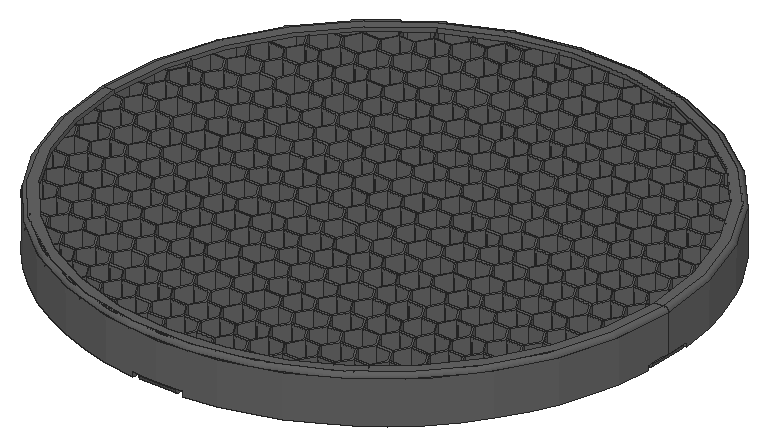
Revit family "STH20926", category Modelos genéricos, Revit 2023 (continued)
Forms (m)
  Extrusion 13, void
    sketch origin (0, 0, 0) x (1, 0, 0) y (0, 1, 0)
      loop
        line (-0.041125, -0.02055) -> (-0.038642, -0.02055) -> (-0.037401, -0.0184) -> (-0.038642, -0.01625) -> (-0.041125, -0.01625) -> (-0.042366, -0.0184) -> (-0.041125, -0.02055)
      loop
        line (-0.041125, -0.02515) -> (-0.038642, -0.02515) -> (-0.037401, -0.023) -> (-0.038642, -0.02085) -> (-0.041125, -0.02085) -> (-0.042366, -0.023) -> (-0.041125, -0.02515)
      loop
        line (-0.041269, -0.0161) -> (-0.04251, -0.01395) -> (-0.045235, -0.01395) -> (-0.046477, -0.0161) -> (-0.045235, -0.01825) -> (-0.04251, -0.01825) -> (-0.041269, -0.0161)
      loop
        line (0.009209, 0.01595) -> (0.006726, 0.01595) -> (0.005485, 0.0138) -> (0.006726, 0.01165) -> (0.009209, 0.01165) -> (0.01045, 0.0138) -> (0.009209, 0.01595)
      loop
        line (0.009209, 0.02055) -> (0.006726, 0.02055) -> (0.005485, 0.0184) -> (0.006726, 0.01625) -> (0.009209, 0.01625) -> (0.01045, 0.0184) -> (0.009209, 0.02055)
      loop
        line (0.009209, 0.02515) -> (0.006726, 0.02515) -> (0.005485, 0.023) -> (0.006726, 0.02085) -> (0.009209, 0.02085) -> (0.01045, 0.023) -> (0.009209, 0.02515)
      loop
        line (0.009209, 0.02975) -> (0.006726, 0.02975) -> (0.005485, 0.0276) -> (0.006726, 0.02545) -> (0.009209, 0.02545) -> (0.01045, 0.0276) -> (0.009209, 0.02975)
      loop
        line (0.009209, 0.03435) -> (0.006726, 0.03435) -> (0.005485, 0.0322) -> (0.006726, 0.03005) -> (0.009209, 0.03005) -> (0.01045, 0.0322) -> (0.009209, 0.03435)
      loop
        line (0.009209, 0.03895) -> (0.006726, 0.03895) -> (0.005485, 0.0368) -> (0.006726, 0.03465) -> (0.009209, 0.03465) -> (0.01045, 0.0368) -> (0.009209, 0.03895)
      loop
        line (0.009209, 0.04355) -> (0.006726, 0.04355) -> (0.005485, 0.0414) -> (0.006726, 0.03925) -> (0.009209, 0.03925) -> (0.01045, 0.0414) -> (0.009209, 0.04355)
      loop
        line (0.009209, 0.04385) -> (0.01045, 0.046) -> (0.009209, 0.04815) -> (0.006726, 0.04815) -> (0.005485, 0.046) -> (0.006726, 0.04385) -> (0.009209, 0.04385)
      loop
        line (0.006582, 0.0161) -> (0.00534, 0.01825) -> (0.002615, 0.01825) -> (0.001374, 0.0161) -> (0.002615, 0.01395) -> (0.00534, 0.01395) -> (0.006582, 0.0161)
      loop
        line (0.006582, 0.0207) -> (0.00534, 0.02285) -> (0.002615, 0.02285) -> (0.001374, 0.0207) -> (0.002615, 0.01855) -> (0.00534, 0.01855) -> (0.006582, 0.0207)
      loop
        line (0.006582, 0.0253) -> (0.00534, 0.02745) -> (0.002615, 0.02745) -> (0.001374, 0.0253) -> (0.002615, 0.02315) -> (0.00534, 0.02315) -> (0.006582, 0.0253)
      loop
        line (0.006582, 0.0299) -> (0.00534, 0.03205) -> (0.002615, 0.03205) -> (0.001374, 0.0299) -> (0.002615, 0.02775) -> (0.00534, 0.02775) -> (0.006582, 0.0299)
      loop
        line (0.006582, 0.0345) -> (0.00534, 0.03665) -> (0.002615, 0.03665) -> (0.001374, 0.0345) -> (0.002615, 0.03235) -> (0.00534, 0.03235) -> (0.006582, 0.0345)
      loop
        line (0.006582, 0.0391) -> (0.00534, 0.04125) -> (0.002615, 0.04125) -> (0.001374, 0.0391) -> (0.002615, 0.03695) -> (0.00534, 0.03695) -> (0.006582, 0.0391)
      loop
        line (0.006582, 0.0437) -> (0.00534, 0.04585) -> (0.002615, 0.04585) -> (0.001374, 0.0437) -> (0.002615, 0.04155) -> (0.00534, 0.04155) -> (0.006582, 0.0437)
      loop
        line (-0.025167, 0.02055) -> (-0.026408, 0.0184) -> (-0.025167, 0.01625) -> (-0.022684, 0.01625) -> (-0.021443, 0.0184) -> (-0.022684, 0.02055) -> (-0.025167, 0.02055)
      loop
        line (-0.025167, 0.02515) -> (-0.026408, 0.023) -> (-0.025167, 0.02085) -> (-0.022684, 0.02085) -> (-0.021443, 0.023) -> (-0.022684, 0.02515) -> (-0.025167, 0.02515)
      loop
        line (-0.025167, 0.02975) -> (-0.026408, 0.0276) -> (-0.025167, 0.02545) -> (-0.022684, 0.02545) -> (-0.021443, 0.0276) -> (-0.022684, 0.02975) -> (-0.025167, 0.02975)
      loop
        line (-0.025167, 0.03435) -> (-0.026408, 0.0322) -> (-0.025167, 0.03005) -> (-0.022684, 0.03005) -> (-0.021443, 0.0322) -> (-0.022684, 0.03435) -> (-0.025167, 0.03435)
      loop
        line (-0.025167, 0.03895) -> (-0.026408, 0.0368) -> (-0.025167, 0.03465) -> (-0.022684, 0.03465) -> (-0.021443, 0.0368) -> (-0.022684, 0.03895) -> (-0.025167, 0.03895)
      loop
        line (-0.025167, 0.04355) -> (-0.026408, 0.0414) -> (-0.025167, 0.03925) -> (-0.022684, 0.03925) -> (-0.021443, 0.0414) -> (-0.022684, 0.04355) -> (-0.025167, 0.04355)
      loop
        line (-0.025311, 0.0161) -> (-0.026552, 0.01825) -> (-0.029277, 0.01825) -> (-0.030519, 0.0161) -> (-0.029277, 0.01395) -> (-0.026552, 0.01395) -> (-0.025311, 0.0161)
      loop
        line (-0.025311, 0.0207) -> (-0.026552, 0.02285) -> (-0.029277, 0.02285) -> (-0.030519, 0.0207) -> (-0.029277, 0.01855) -> (-0.026552, 0.01855) -> (-0.025311, 0.0207)
      loop
        line (-0.025311, 0.0253) -> (-0.026552, 0.02745) -> (-0.029277, 0.02745) -> (-0.030519, 0.0253) -> (-0.029277, 0.02315) -> (-0.026552, 0.02315) -> (-0.025311, 0.0253)
      loop
        line (-0.025311, 0.0299) -> (-0.026552, 0.03205) -> (-0.029277, 0.03205) -> (-0.030519, 0.0299) -> (-0.029277, 0.02775) -> (-0.026552, 0.02775) -> (-0.025311, 0.0299)
      loop
        line (-0.025311, 0.0345) -> (-0.026552, 0.03665) -> (-0.029277, 0.03665) -> (-0.030519, 0.0345) -> (-0.029277, 0.03235) -> (-0.026552, 0.03235) -> (-0.025311, 0.0345)
      loop
        line (-0.025311, 0.0391) -> (-0.026552, 0.04125) -> (-0.029277, 0.04125) -> (-0.030519, 0.0391) -> (-0.029277, 0.03695) -> (-0.026552, 0.03695) -> (-0.025311, 0.0391)
      loop
        line (-0.02254, 0.0161) -> (-0.021298, 0.01395) -> (-0.018573, 0.01395) -> (-0.017332, 0.0161) -> (-0.018573, 0.01825) -> (-0.021298, 0.01825) -> (-0.02254, 0.0161)
      loop
        line (-0.02254, 0.0207) -> (-0.021298, 0.01855) -> (-0.018573, 0.01855) -> (-0.017332, 0.0207) -> (-0.018573, 0.02285) -> (-0.021298, 0.02285) -> (-0.02254, 0.0207)
      loop
        line (-0.02254, 0.0253) -> (-0.021298, 0.02315) -> (-0.018573, 0.02315) -> (-0.017332, 0.0253) -> (-0.018573, 0.02745) -> (-0.021298, 0.02745) -> (-0.02254, 0.0253)
      loop
        line (-0.02254, 0.0299) -> (-0.021298, 0.02775) -> (-0.018573, 0.02775) -> (-0.017332, 0.0299) -> (-0.018573, 0.03205) -> (-0.021298, 0.03205) -> (-0.02254, 0.0299)
      loop
        line (-0.02254, 0.0345) -> (-0.021298, 0.03235) -> (-0.018573, 0.03235) -> (-0.017332, 0.0345) -> (-0.018573, 0.03665) -> (-0.021298, 0.03665) -> (-0.02254, 0.0345)
      loop
        line (-0.02254, 0.0391) -> (-0.021298, 0.03695) -> (-0.018573, 0.03695) -> (-0.017332, 0.0391) -> (-0.018573, 0.04125) -> (-0.021298, 0.04125) -> (-0.02254, 0.0391)
      loop
        line (-0.02254, 0.0437) -> (-0.021298, 0.04155) -> (-0.018573, 0.04155) -> (-0.017332, 0.0437) -> (-0.018573, 0.04585) -> (-0.021298, 0.04585) -> (-0.02254, 0.0437)
      loop
        line (-0.030663, 0.02055) -> (-0.033146, 0.02055) -> (-0.034387, 0.0184) -> (-0.033146, 0.01625) -> (-0.030663, 0.01625) -> (-0.029422, 0.0184) -> (-0.030663, 0.02055)
      loop
        line (-0.030663, 0.02515) -> (-0.033146, 0.02515) -> (-0.034387, 0.023) -> (-0.033146, 0.02085) -> (-0.030663, 0.02085) -> (-0.029422, 0.023) -> (-0.030663, 0.02515)
      loop
        line (-0.030663, 0.02975) -> (-0.033146, 0.02975) -> (-0.034387, 0.0276) -> (-0.033146, 0.02545) -> (-0.030663, 0.02545) -> (-0.029422, 0.0276) -> (-0.030663, 0.02975)
      loop
        line (-0.030663, 0.03435) -> (-0.033146, 0.03435) -> (-0.034387, 0.0322) -> (-0.033146, 0.03005) -> (-0.030663, 0.03005) -> (-0.029422, 0.0322) -> (-0.030663, 0.03435)
      loop
        line (-0.038498, 0.0161) -> (-0.037256, 0.01395) -> (-0.034531, 0.01395) -> (-0.03329, 0.0161) -> (-0.034531, 0.01825) -> (-0.037256, 0.01825) -> (-0.038498, 0.0161)
      loop
        line (-0.038498, 0.0207) -> (-0.037256, 0.01855) -> (-0.034531, 0.01855) -> (-0.03329, 0.0207) -> (-0.034531, 0.02285) -> (-0.037256, 0.02285) -> (-0.038498, 0.0207)
      loop
        line (-0.038498, 0.0253) -> (-0.037256, 0.02315) -> (-0.034531, 0.02315) -> (-0.03329, 0.0253) -> (-0.034531, 0.02745) -> (-0.037256, 0.02745) -> (-0.038498, 0.0253)
      loop
        line (-0.038498, 0.0299) -> (-0.037256, 0.02775) -> (-0.034531, 0.02775) -> (-0.03329, 0.0299) -> (-0.034531, 0.03205) -> (-0.037256, 0.03205) -> (-0.038498, 0.0299)
      loop
        line (-0.041125, 0.02055) -> (-0.042366, 0.0184) -> (-0.041125, 0.01625) -> (-0.038642, 0.01625) -> (-0.037401, 0.0184) -> (-0.038642, 0.02055) -> (-0.041125, 0.02055)
      loop
        line (-0.041125, 0.02515) -> (-0.042366, 0.023) -> (-0.041125, 0.02085) -> (-0.038642, 0.02085) -> (-0.037401, 0.023) -> (-0.038642, 0.02515) -> (-0.041125, 0.02515)
      loop
        line (-0.041269, 0.0161) -> (-0.04251, 0.01825) -> (-0.045235, 0.01825) -> (-0.046477, 0.0161) -> (-0.045235, 0.01395) -> (-0.04251, 0.01395) -> (-0.041269, 0.0161)
      loop
        line (-0.014705, 0.02055) -> (-0.017188, 0.02055) -> (-0.018429, 0.0184) -> (-0.017188, 0.01625) -> (-0.014705, 0.01625) -> (-0.013464, 0.0184) -> (-0.014705, 0.02055)
      loop
        line (-0.014705, 0.02515) -> (-0.017188, 0.02515) -> (-0.018429, 0.023) -> (-0.017188, 0.02085) -> (-0.014705, 0.02085) -> (-0.013464, 0.023) -> (-0.014705, 0.02515)
      loop
        line (-0.014705, 0.02975) -> (-0.017188, 0.02975) -> (-0.018429, 0.0276) -> (-0.017188, 0.02545) -> (-0.014705, 0.02545) -> (-0.013464, 0.0276) -> (-0.014705, 0.02975)
      loop
        line (-0.014705, 0.03435) -> (-0.017188, 0.03435) -> (-0.018429, 0.0322) -> (-0.017188, 0.03005) -> (-0.014705, 0.03005) -> (-0.013464, 0.0322) -> (-0.014705, 0.03435)
      loop
        line (-0.014705, 0.03895) -> (-0.017188, 0.03895) -> (-0.018429, 0.0368) -> (-0.017188, 0.03465) -> (-0.014705, 0.03465) -> (-0.013464, 0.0368) -> (-0.014705, 0.03895)
      loop
        line (-0.014705, 0.04355) -> (-0.017188, 0.04355) -> (-0.018429, 0.0414) -> (-0.017188, 0.03925) -> (-0.014705, 0.03925) -> (-0.013464, 0.0414) -> (-0.014705, 0.04355)
      loop
        line (-0.009353, 0.0161) -> (-0.010594, 0.01825) -> (-0.013319, 0.01825) -> (-0.014561, 0.0161) -> (-0.013319, 0.01395) -> (-0.010594, 0.01395) -> (-0.009353, 0.0161)
      loop
        line (-0.009353, 0.0207) -> (-0.010594, 0.02285) -> (-0.013319, 0.02285) -> (-0.014561, 0.0207) -> (-0.013319, 0.01855) -> (-0.010594, 0.01855) -> (-0.009353, 0.0207)
      loop
        line (-0.009353, 0.0253) -> (-0.010594, 0.02745) -> (-0.013319, 0.02745) -> (-0.014561, 0.0253) -> (-0.013319, 0.02315) -> (-0.010594, 0.02315) -> (-0.009353, 0.0253)
      loop
        line (-0.009353, 0.0299) -> (-0.010594, 0.03205) -> (-0.013319, 0.03205) -> (-0.014561, 0.0299) -> (-0.013319, 0.02775) -> (-0.010594, 0.02775) -> (-0.009353, 0.0299)
      loop
        line (-0.009353, 0.0345) -> (-0.010594, 0.03665) -> (-0.013319, 0.03665) -> (-0.014561, 0.0345) -> (-0.013319, 0.03235) -> (-0.010594, 0.03235) -> (-0.009353, 0.0345)
      loop
        line (-0.009353, 0.0391) -> (-0.010594, 0.04125) -> (-0.013319, 0.04125) -> (-0.014561, 0.0391) -> (-0.013319, 0.03695) -> (-0.010594, 0.03695) -> (-0.009353, 0.0391)
      loop
        line (-0.009353, 0.0437) -> (-0.010594, 0.04585) -> (-0.013319, 0.04585) -> (-0.014561, 0.0437) -> (-0.013319, 0.04155) -> (-0.010594, 0.04155) -> (-0.009353, 0.0437)
      loop
        line (-0.009209, 0.02055) -> (-0.01045, 0.0184) -> (-0.009209, 0.01625) -> (-0.006726, 0.01625) -> (-0.005485, 0.0184) -> (-0.006726, 0.02055) -> (-0.009209, 0.02055)
      loop
        line (-0.009209, 0.02515) -> (-0.01045, 0.023) -> (-0.009209, 0.02085) -> (-0.006726, 0.02085) -> (-0.005485, 0.023) -> (-0.006726, 0.02515) -> (-0.009209, 0.02515)
      loop
        line (-0.009209, 0.02975) -> (-0.01045, 0.0276) -> (-0.009209, 0.02545) -> (-0.006726, 0.02545) -> (-0.005485, 0.0276) -> (-0.006726, 0.02975) -> (-0.009209, 0.02975)
      loop
        line (-0.009209, 0.03435) -> (-0.01045, 0.0322) -> (-0.009209, 0.03005) -> (-0.006726, 0.03005) -> (-0.005485, 0.0322) -> (-0.006726, 0.03435) -> (-0.009209, 0.03435)
      loop
        line (-0.009209, 0.03895) -> (-0.01045, 0.0368) -> (-0.009209, 0.03465) -> (-0.006726, 0.03465) -> (-0.005485, 0.0368) -> (-0.006726, 0.03895) -> (-0.009209, 0.03895)
      loop
        line (-0.009209, 0.04355) -> (-0.01045, 0.0414) -> (-0.009209, 0.03925) -> (-0.006726, 0.03925) -> (-0.005485, 0.0414) -> (-0.006726, 0.04355) -> (-0.009209, 0.04355)
      loop
        line (-0.009209, 0.04385) -> (-0.006726, 0.04385) -> (-0.005485, 0.046) -> (-0.006726, 0.04815) -> (-0.009209, 0.04815) -> (-0.01045, 0.046) -> (-0.009209, 0.04385)
      loop
        line (-0.006582, 0.0161) -> (-0.00534, 0.01395) -> (-0.002615, 0.01395) -> (-0.001374, 0.0161) -> (-0.002615, 0.01825) -> (-0.00534, 0.01825) -> (-0.006582, 0.0161)
      loop
        line (-0.006582, 0.0207) -> (-0.00534, 0.01855) -> (-0.002615, 0.01855) -> (-0.001374, 0.0207) -> (-0.002615, 0.02285) -> (-0.00534, 0.02285) -> (-0.006582, 0.0207)
      loop
        line (-0.006582, 0.0253) -> (-0.00534, 0.02315) -> (-0.002615, 0.02315) -> (-0.001374, 0.0253) -> (-0.002615, 0.02745) -> (-0.00534, 0.02745) -> (-0.006582, 0.0253)
      loop
        line (-0.006582, 0.0299) -> (-0.00534, 0.02775) -> (-0.002615, 0.02775) -> (-0.001374, 0.0299) -> (-0.002615, 0.03205) -> (-0.00534, 0.03205) -> (-0.006582, 0.0299)
      loop
        line (-0.006582, 0.0345) -> (-0.00534, 0.03235) -> (-0.002615, 0.03235) -> (-0.001374, 0.0345) -> (-0.002615, 0.03665) -> (-0.00534, 0.03665) -> (-0.006582, 0.0345)
      loop
        line (-0.006582, 0.0391) -> (-0.00534, 0.03695) -> (-0.002615, 0.03695) -> (-0.001374, 0.0391) -> (-0.002615, 0.04125) -> (-0.00534, 0.04125) -> (-0.006582, 0.0391)
      loop
        line (-0.006582, 0.0437) -> (-0.00534, 0.04155) -> (-0.002615, 0.04155) -> (-0.001374, 0.0437) -> (-0.002615, 0.04585) -> (-0.00534, 0.04585) -> (-0.006582, 0.0437)
      loop
        line (-0.001253, 0.01595) -> (-0.002494, 0.0138) -> (-0.001253, 0.01165) -> (0.00123, 0.01165) -> (0.002471, 0.0138) -> (0.00123, 0.01595) -> (-0.001253, 0.01595)
      loop
        line (-0.001253, 0.02055) -> (-0.002494, 0.0184) -> (-0.001253, 0.01625) -> (0.00123, 0.01625) -> (0.002471, 0.0184) -> (0.00123, 0.02055) -> (-0.001253, 0.02055)
      loop
        line (-0.001253, 0.02515) -> (-0.002494, 0.023) -> (-0.001253, 0.02085) -> (0.00123, 0.02085) -> (0.002471, 0.023) -> (0.00123, 0.02515) -> (-0.001253, 0.02515)
      loop
        line (-0.001253, 0.02975) -> (-0.002494, 0.0276) -> (-0.001253, 0.02545) -> (0.00123, 0.02545) -> (0.002471, 0.0276) -> (0.00123, 0.02975) -> (-0.001253, 0.02975)
      loop
        line (-0.001253, 0.03435) -> (-0.002494, 0.0322) -> (-0.001253, 0.03005) -> (0.00123, 0.03005) -> (0.002471, 0.0322) -> (0.00123, 0.03435) -> (-0.001253, 0.03435)
      loop
        line (-0.001253, 0.03895) -> (-0.002494, 0.0368) -> (-0.001253, 0.03465) -> (0.00123, 0.03465) -> (0.002471, 0.0368) -> (0.00123, 0.03895) -> (-0.001253, 0.03895)
      loop
        line (-0.001253, 0.04355) -> (-0.002494, 0.0414) -> (-0.001253, 0.03925) -> (0.00123, 0.03925) -> (0.002471, 0.0414) -> (0.00123, 0.04355) -> (-0.001253, 0.04355)
      loop
        line (-0.001253, 0.04385) -> (0.00123, 0.04385) -> (0.002471, 0.046) -> (0.00123, 0.04815) -> (-0.001253, 0.04815) -> (-0.002494, 0.046) -> (-0.001253, 0.04385)
      loop
        line (-0.006703, 0.01595) -> (-0.009186, 0.01595) -> (-0.010427, 0.0138) -> (-0.009186, 0.01165) -> (-0.006703, 0.01165) -> (-0.005462, 0.0138) -> (-0.006703, 0.01595)
      loop
        line (-0.017211, 0.01595) -> (-0.018452, 0.0138) -> (-0.017211, 0.01165) -> (-0.014728, 0.01165) -> (-0.013487, 0.0138) -> (-0.014728, 0.01595) -> (-0.017211, 0.01595)
      loop
        line (-0.014705, 0.00215) -> (-0.017188, 0.00215) -> (-0.018429, 0) -> (-0.017188, -0.00215) -> (-0.014705, -0.00215) -> (-0.013464, 0) -> (-0.014705, 0.00215)
      loop
        line (-0.014717, -0.01165) -> (-0.017199, -0.01165) -> (-0.018441, -0.0138) -> (-0.017199, -0.01595) -> (-0.014717, -0.01595) -> (-0.013475, -0.0138) -> (-0.014717, -0.01165)
      loop
        line (-0.025155, -0.01165) -> (-0.026396, -0.0138) -> (-0.025155, -0.01595) -> (-0.022673, -0.01595) -> (-0.021431, -0.0138) -> (-0.022673, -0.01165) -> (-0.025155, -0.01165)
      loop
        line (-0.022551, 0.0023) -> (-0.02131, 0.00015) -> (-0.018585, 0.00015) -> (-0.017344, 0.0023) -> (-0.018585, 0.00445) -> (-0.02131, 0.00445) -> (-0.022551, 0.0023)
      loop
        line (-0.022551, -0.0023) -> (-0.02131, -0.00445) -> (-0.018585, -0.00445) -> (-0.017344, -0.0023) -> (-0.018585, -0.00015) -> (-0.02131, -0.00015) -> (-0.022551, -0.0023)
      loop
        line (-0.022551, -0.0069) -> (-0.02131, -0.00905) -> (-0.018585, -0.00905) -> (-0.017344, -0.0069) -> (-0.018585, -0.00475) -> (-0.02131, -0.00475) -> (-0.022551, -0.0069)
      loop
        line (-0.022551, 0.0069) -> (-0.02131, 0.00475) -> (-0.018585, 0.00475) -> (-0.017344, 0.0069) -> (-0.018585, 0.00905) -> (-0.02131, 0.00905) -> (-0.022551, 0.0069)
      loop
        line (-0.022551, 0.0115) -> (-0.02131, 0.00935) -> (-0.018585, 0.00935) -> (-0.017344, 0.0115) -> (-0.018585, 0.01365) -> (-0.02131, 0.01365) -> (-0.022551, 0.0115)
      loop
        line (-0.022551, -0.0115) -> (-0.02131, -0.01365) -> (-0.018585, -0.01365) -> (-0.017344, -0.0115) -> (-0.018585, -0.00935) -> (-0.02131, -0.00935) -> (-0.022551, -0.0115)
      loop
        line (-0.025299, 0.0023) -> (-0.026541, 0.00445) -> (-0.029266, 0.00445) -> (-0.030507, 0.0023) -> (-0.029266, 0.00015) -> (-0.026541, 0.00015) -> (-0.025299, 0.0023)
      loop
        line (-0.025299, -0.0023) -> (-0.026541, -0.00015) -> (-0.029266, -0.00015) -> (-0.030507, -0.0023) -> (-0.029266, -0.00445) -> (-0.026541, -0.00445) -> (-0.025299, -0.0023)
      loop
        line (-0.025299, -0.0069) -> (-0.026541, -0.00475) -> (-0.029266, -0.00475) -> (-0.030507, -0.0069) -> (-0.029266, -0.00905) -> (-0.026541, -0.00905) -> (-0.025299, -0.0069)
      loop
        line (-0.025299, 0.0069) -> (-0.026541, 0.00905) -> (-0.029266, 0.00905) -> (-0.030507, 0.0069) -> (-0.029266, 0.00475) -> (-0.026541, 0.00475) -> (-0.025299, 0.0069)
      loop
        line (-0.025299, 0.0115) -> (-0.026541, 0.01365) -> (-0.029266, 0.01365) -> (-0.030507, 0.0115) -> (-0.029266, 0.00935) -> (-0.026541, 0.00935) -> (-0.025299, 0.0115)
      loop
        line (-0.025299, -0.0115) -> (-0.026541, -0.00935) -> (-0.029266, -0.00935) -> (-0.030507, -0.0115) -> (-0.029266, -0.01365) -> (-0.026541, -0.01365) -> (-0.025299, -0.0115)
      loop
        line (-0.038509, 0.0023) -> (-0.037268, 0.00015) -> (-0.034543, 0.00015) -> (-0.033302, 0.0023) -> (-0.034543, 0.00445) -> (-0.037268, 0.00445) -> (-0.038509, 0.0023)
      loop
        line (-0.038509, -0.0023) -> (-0.037268, -0.00445) -> (-0.034543, -0.00445) -> (-0.033302, -0.0023) -> (-0.034543, -0.00015) -> (-0.037268, -0.00015) -> (-0.038509, -0.0023)
      loop
        line (-0.038509, -0.0069) -> (-0.037268, -0.00905) -> (-0.034543, -0.00905) -> (-0.033302, -0.0069) -> (-0.034543, -0.00475) -> (-0.037268, -0.00475) -> (-0.038509, -0.0069)
      loop
        line (-0.038509, 0.0069) -> (-0.037268, 0.00475) -> (-0.034543, 0.00475) -> (-0.033302, 0.0069) -> (-0.034543, 0.00905) -> (-0.037268, 0.00905) -> (-0.038509, 0.0069)
      loop
        line (-0.038509, 0.0115) -> (-0.037268, 0.00935) -> (-0.034543, 0.00935) -> (-0.033302, 0.0115) -> (-0.034543, 0.01365) -> (-0.037268, 0.01365) -> (-0.038509, 0.0115)
      loop
        line (-0.038509, -0.0115) -> (-0.037268, -0.01365) -> (-0.034543, -0.01365) -> (-0.033302, -0.0115) -> (-0.034543, -0.00935) -> (-0.037268, -0.00935) -> (-0.038509, -0.0115)
      loop
        line (-0.025178, 0.00705) -> (-0.022696, 0.00705) -> (-0.021454, 0.0092) -> (-0.022696, 0.01135) -> (-0.025178, 0.01135) -> (-0.02642, 0.0092) -> (-0.025178, 0.00705)
      loop
        line (-0.025178, 0.00675) -> (-0.02642, 0.0046) -> (-0.025178, 0.00245) -> (-0.022696, 0.00245) -> (-0.021454, 0.0046) -> (-0.022696, 0.00675) -> (-0.025178, 0.00675)
      loop
        line (-0.025178, -0.00675) -> (-0.022696, -0.00675) -> (-0.021454, -0.0046) -> (-0.022696, -0.00245) -> (-0.025178, -0.00245) -> (-0.02642, -0.0046) -> (-0.025178, -0.00675)
      loop
        line (-0.025178, -0.00705) -> (-0.02642, -0.0092) -> (-0.025178, -0.01135) -> (-0.022696, -0.01135) -> (-0.021454, -0.0092) -> (-0.022696, -0.00705) -> (-0.025178, -0.00705)
      loop
        line (-0.022684, 0.01595) -> (-0.025167, 0.01595) -> (-0.026408, 0.0138) -> (-0.025167, 0.01165) -> (-0.022684, 0.01165) -> (-0.021443, 0.0138) -> (-0.022684, 0.01595)
      loop
        line (-0.02519, 0.00215) -> (-0.026431, 0) -> (-0.02519, -0.00215) -> (-0.022707, -0.00215) -> (-0.021466, 0) -> (-0.022707, 0.00215) -> (-0.02519, 0.00215)
      loop
        line (-0.030652, 0.00705) -> (-0.02941, 0.0092) -> (-0.030652, 0.01135) -> (-0.033134, 0.01135) -> (-0.034375, 0.0092) -> (-0.033134, 0.00705) -> (-0.030652, 0.00705)
      loop
        line (-0.030652, 0.00675) -> (-0.033134, 0.00675) -> (-0.034375, 0.0046) -> (-0.033134, 0.00245) -> (-0.030652, 0.00245) -> (-0.02941, 0.0046) -> (-0.030652, 0.00675)
      loop
        line (-0.030652, -0.00675) -> (-0.02941, -0.0046) -> (-0.030652, -0.00245) -> (-0.033134, -0.00245) -> (-0.034375, -0.0046) -> (-0.033134, -0.00675) -> (-0.030652, -0.00675)
      loop
        line (-0.030652, -0.00705) -> (-0.033134, -0.00705) -> (-0.034375, -0.0092) -> (-0.033134, -0.01135) -> (-0.030652, -0.01135) -> (-0.02941, -0.0092) -> (-0.030652, -0.00705)
      loop
        line (-0.033146, 0.01595) -> (-0.034387, 0.0138) -> (-0.033146, 0.01165) -> (-0.030663, 0.01165) -> (-0.029422, 0.0138) -> (-0.030663, 0.01595) -> (-0.033146, 0.01595)
      loop
        line (-0.03064, 0.00215) -> (-0.033123, 0.00215) -> (-0.034364, 0) -> (-0.033123, -0.00215) -> (-0.03064, -0.00215) -> (-0.029399, 0) -> (-0.03064, 0.00215)
      loop
        line (-0.041136, 0.00705) -> (-0.038654, 0.00705) -> (-0.037412, 0.0092) -> (-0.038654, 0.01135) -> (-0.041136, 0.01135) -> (-0.042378, 0.0092) -> (-0.041136, 0.00705)
      loop
        line (-0.041136, 0.00675) -> (-0.042378, 0.0046) -> (-0.041136, 0.00245) -> (-0.038654, 0.00245) -> (-0.037412, 0.0046) -> (-0.038654, 0.00675) -> (-0.041136, 0.00675)
      loop
        line (-0.041136, -0.00675) -> (-0.038654, -0.00675) -> (-0.037412, -0.0046) -> (-0.038654, -0.00245) -> (-0.041136, -0.00245) -> (-0.042378, -0.0046) -> (-0.041136, -0.00675)
      loop
        line (-0.041136, -0.00705) -> (-0.042378, -0.0092) -> (-0.041136, -0.01135) -> (-0.038654, -0.01135) -> (-0.037412, -0.0092) -> (-0.038654, -0.00705) -> (-0.041136, -0.00705)
      loop
        line (-0.038642, 0.01595) -> (-0.041125, 0.01595) -> (-0.042366, 0.0138) -> (-0.041125, 0.01165) -> (-0.038642, 0.01165) -> (-0.037401, 0.0138) -> (-0.038642, 0.01595)
      loop
        line (-0.041148, 0.00215) -> (-0.042389, 0) -> (-0.041148, -0.00215) -> (-0.038665, -0.00215) -> (-0.037424, 0) -> (-0.038665, 0.00215) -> (-0.041148, 0.00215)
      loop
        line (-0.030652, -0.01165) -> (-0.033134, -0.01165) -> (-0.034375, -0.0138) -> (-0.033134, -0.01595) -> (-0.030652, -0.01595) -> (-0.02941, -0.0138) -> (-0.030652, -0.01165)
      loop
        line (-0.041159, -0.01165) -> (-0.042401, -0.0138) -> (-0.041159, -0.01595) -> (-0.038677, -0.01595) -> (-0.037435, -0.0138) -> (-0.038677, -0.01165) -> (-0.041159, -0.01165)
      loop
        line (-0.041304, -0.0069) -> (-0.042545, -0.00475) -> (-0.04527, -0.00475) -> (-0.046511, -0.0069) -> (-0.04527, -0.00905) -> (-0.042545, -0.00905) -> (-0.041304, -0.0069)
      loop
        line (-0.041304, 0.0069) -> (-0.042545, 0.00905) -> (-0.04527, 0.00905) -> (-0.046511, 0.0069) -> (-0.04527, 0.00475) -> (-0.042545, 0.00475) -> (-0.041304, 0.0069)
      loop
        line (-0.041304, 0.0115) -> (-0.042545, 0.01365) -> (-0.04527, 0.01365) -> (-0.046511, 0.0115) -> (-0.04527, 0.00935) -> (-0.042545, 0.00935) -> (-0.041304, 0.0115)
      loop
        line (-0.041304, -0.0115) -> (-0.042545, -0.00935) -> (-0.04527, -0.00935) -> (-0.046511, -0.0115) -> (-0.04527, -0.01365) -> (-0.042545, -0.01365) -> (-0.041304, -0.0115)
      loop
        line (0.041269, 0.0023) -> (0.04251, 0.00015) -> (0.046789, 0.00015) -> (0.046789, 0.00445) -> (0.04251, 0.00445) -> (0.041269, 0.0023)
      loop
        line (-0.041269, 0.0023) -> (-0.04251, 0.00445) -> (-0.046789, 0.00445) -> (-0.046789, 0.00015) -> (-0.04251, 0.00015) -> (-0.041269, 0.0023)
      loop
        line (0.041269, -0.0023) -> (0.042488, -0.004411) -> (0.046789, -0.004411) -> (0.046789, -0.000189) -> (0.042488, -0.000189) -> (0.041269, -0.0023)
      loop
        line (-0.041269, -0.0023) -> (-0.042488, -0.000189) -> (-0.046789, -0.000189) -> (-0.046789, -0.004411) -> (-0.042488, -0.004411) -> (-0.041269, -0.0023)
    from 0 to 0.00755
Cuts and joins
  Revolve 2, Extrusion 3, Extrusion 4 cuts Revolve 1
  Extrusion 6, Revolve 7 cuts Revolve 5
  Extrusion 6, Revolve 7 cuts Revolve 8
  Extrusion 6, Revolve 7 cuts Revolve 9
  Extrusion 6, Revolve 7 cuts Revolve 10
  joined: Revolve 1, Revolve 5, Revolve 8, Revolve 9, Revolve 10
  Extrusion 12, Extrusion 13 cuts Extrusion 11
Dimensions and locks (m)
  "Diâmetro": plane 5 to plane 4
  "Altura": plane 8 to level
  aligned and locked: level to plane 2
Automatic sketch dimensions
  Revolve 1 sketch curve to level = 0.00 m
  Revolve 1 sketch curve to plane 3 "Centro (Esquerda/Direita)" = 0.00 m
  Revolve 1 sketch curve to plane 8 = 0.00005 m
  Revolve 1 sketch curve to plane 5 = 0.00195 m
  Revolve 1 sketch curve to plane 5 = 0.00045 m
  plane 5 to Revolve 1 sketch curve = 0.00025 m
  Revolve 1 sketch curve to level = 0.002063 m
  Revolve 1 sketch curve to plane 8 = 0.00128 m
  Revolve 2 sketch curve to level = 0.00 m
  Revolve 2 sketch curve to plane 3 "Centro (Esquerda/Direita)" = 0.00 m
  plane 8 to Revolve 2 sketch curve = 0.00055 m
  Revolve 2 sketch curve to plane 5 = 0.00235 m
  Revolve 2 sketch curve to plane 5 = 0.00035 m
  Revolve 2 sketch curve to level = 0.002683 m
  Revolve 2 sketch curve to plane 8 = 0.002058 m
  Extrusion 3 sketch curve to plane 3 "Centro (Esquerda/Direita)" = 0.004 m
  plane 3 "Centro (Esquerda/Direita)" to Extrusion 3 sketch curve = 0.004 m
  Extrusion 3 sketch curve to plane 7 = 0.002177 m
  plane 6 to Extrusion 3 sketch curve = 0.002177 m
  Extrusion 4 sketch curve to plane 1 "Centro (Frente/Trás)" = 0.004 m
  plane 1 "Centro (Frente/Trás)" to Extrusion 4 sketch curve = 0.004 m
  plane 5 to Extrusion 4 sketch curve = 0.002177 m
  Extrusion 4 sketch curve to plane 4 = 0.002177 m
  Revolve 5 sketch curve to level = 0.00 m
  Revolve 5 sketch curve to plane 3 "Centro (Esquerda/Direita)" = 0.00 m
  Revolve 5 sketch curve to plane 5 = 0.003342 m
  Revolve 5 sketch curve to plane 5 = 0.00055 m
  Revolve 5 sketch curve to Revolve 5 sketch curve = 0.0002 m
  plane 5 to Revolve 5 sketch curve = 0.00025 m
  Revolve 5 sketch curve to Revolve 5 sketch curve = 0.000202 m
  Revolve 5 sketch curve to Revolve 5 sketch curve = 0.001002 m
  Revolve 5 sketch curve to level = 0.001853 m
  Revolve 5 sketch curve to plane 8 = 0.001922 m
  plane 1 "Centro (Frente/Trás)" to Extrusion 6 sketch curve = 0.00 m  (x2)
  Extrusion 6 sketch curve to plane 3 "Centro (Esquerda/Direita)" = 0.00 m  (x2)
  Extrusion 6 sketch curve to plane 3 "Centro (Esquerda/Direita)" = 0.0002 m
  Extrusion 6 sketch curve to plane 3 "Centro (Esquerda/Direita)" = 0.002 m  (x2)
  Extrusion 6 sketch curve to Extrusion 6 sketch curve = 0.001 m  (x4)
  Extrusion 6 sketch curve to plane 7 = 0.0008 m  (x2)
  Extrusion 6 sketch curve to plane 3 "Centro (Esquerda/Direita)" = 0.003 m
  Extrusion 6 sketch curve to plane 5 = 0.002188 m  (x2)
  plane 5 to Extrusion 6 sketch curve = 0.0008 m  (x2)
  plane 3 "Centro (Esquerda/Direita)" to Extrusion 6 sketch curve = 0.0002 m
  plane 3 "Centro (Esquerda/Direita)" to Extrusion 6 sketch curve = 0.002 m  (x2)
  plane 3 "Centro (Esquerda/Direita)" to Extrusion 6 sketch curve = 0.003 m  (x2)
  plane 6 to Extrusion 6 sketch curve = 0.0008 m  (x2)
  plane 4 to Extrusion 6 sketch curve = 0.002188 m  (x2)
  Extrusion 6 sketch curve to plane 4 = 0.0008 m  (x2)
  plane 7 to Extrusion 6 sketch curve = 0.002188 m  (x2)
  plane 1 "Centro (Frente/Trás)" to Extrusion 6 sketch curve = 0.003 m  (x2)
  plane 1 "Centro (Frente/Trás)" to Extrusion 6 sketch curve = 0.0002 m
  Extrusion 6 sketch curve to plane 1 "Centro (Frente/Trás)" = 0.0002 m
  Extrusion 6 sketch curve to plane 1 "Centro (Frente/Trás)" = 0.002 m  (x2)
  Extrusion 6 sketch curve to plane 1 "Centro (Frente/Trás)" = 0.003 m
  Extrusion 6 sketch curve to plane 6 = 0.002188 m  (x2)
  Extrusion 6 sketch curve to Extrusion 6 sketch curve = 0.00 m  (x4)
  Revolve 7 sketch curve to plane 3 "Centro (Esquerda/Direita)" = 0.00 m
  Revolve 7 sketch curve to plane 5 = 0.004219 m
  plane 5 to Revolve 7 sketch curve = 0.000551 m
  level to Revolve 7 sketch curve = 0.000802 m
  Revolve 7 sketch curve to Revolve 7 sketch curve = 0.001692 m
  Revolve 7 sketch curve to level = 0.003354 m
  plane 8 to Revolve 7 sketch curve = 0.003063 m
  Revolve 8 sketch curve to level = 0.00 m
  Revolve 8 sketch curve to plane 3 "Centro (Esquerda/Direita)" = 0.00 m
  plane 4 to Revolve 8 sketch curve = 0.003342 m
  plane 4 to Revolve 8 sketch curve = 0.00055 m
  Revolve 8 sketch curve to Revolve 8 sketch curve = 0.0002 m
  Revolve 8 sketch curve to plane 4 = 0.00025 m
  Revolve 8 sketch curve to Revolve 8 sketch curve = 0.000202 m
  Revolve 8 sketch curve to Revolve 8 sketch curve = 0.001002 m
  Revolve 8 sketch curve to plane 8 = 0.001922 m
  Revolve 8 sketch curve to level = 0.001853 m
  Revolve 9 sketch curve to level = 0.00 m
  Revolve 9 sketch curve to plane 1 "Centro (Frente/Trás)" = 0.00 m
  Revolve 9 sketch curve to plane 6 = 0.003342 m
  Revolve 9 sketch curve to plane 6 = 0.00055 m
  Revolve 9 sketch curve to Revolve 9 sketch curve = 0.0002 m
  plane 6 to Revolve 9 sketch curve = 0.00025 m
  Revolve 9 sketch curve to Revolve 9 sketch curve = 0.000202 m
  Revolve 9 sketch curve to Revolve 9 sketch curve = 0.001002 m
  Revolve 9 sketch curve to level = 0.001853 m
  Revolve 9 sketch curve to plane 8 = 0.001922 m
  Revolve 10 sketch curve to level = 0.00 m
  Revolve 10 sketch curve to plane 1 "Centro (Frente/Trás)" = 0.00 m
  plane 7 to Revolve 10 sketch curve = 0.003342 m
  plane 7 to Revolve 10 sketch curve = 0.00055 m
  Revolve 10 sketch curve to Revolve 10 sketch curve = 0.0002 m
  Revolve 10 sketch curve to plane 7 = 0.00025 m
  Revolve 10 sketch curve to Revolve 10 sketch curve = 0.000202 m
  Revolve 10 sketch curve to Revolve 10 sketch curve = 0.001002 m
  Revolve 10 sketch curve to plane 8 = 0.001922 m
  Revolve 10 sketch curve to level = 0.001853 m
  Extrusion 11 sketch curve to plane 5 = 0.00 m
  Extrusion 11 sketch curve to plane 4 = 0.00 m
  Extrusion 11 sketch curve to plane 7 = 0.00 m
  Extrusion 11 sketch curve to plane 6 = 0.00 m
  Extrusion 12 sketch curve to plane 5 = 0.00 m
  plane 1 "Centro (Frente/Trás)" to Extrusion 12 sketch curve = 0.00 m
  Extrusion 12 sketch curve to plane 3 "Centro (Esquerda/Direita)" = 0.00 m
  Extrusion 12 sketch curve to plane 4 = 0.00 m
  Extrusion 12 sketch curve to plane 7 = 0.00 m
  Extrusion 12 sketch curve to plane 6 = 0.00 m
  plane 1 "Centro (Frente/Trás)" to Extrusion 13 sketch curve = 0.00 m  (x22)
  Extrusion 13 sketch curve to plane 7 = 0.00 m  (x6)
  Extrusion 13 sketch curve to plane 6 = 0.00 m  (x6)
  plane 1 "Centro (Frente/Trás)" to Extrusion 13 sketch curve = 0.000189 m  (x2)
  plane 5 to Extrusion 13 sketch curve = 0.000789 m
  Extrusion 13 sketch curve to plane 1 "Centro (Frente/Trás)" = 0.00015 m  (x12)
  Extrusion 13 sketch curve to Extrusion 13 sketch curve = 0.00 m  (x336)
  plane 5 to Extrusion 13 sketch curve = 0.000511 m  (x4)
  plane 5 to Extrusion 13 sketch curve = 0.000477 m  (x2)
  Extrusion 13 sketch curve to plane 5 = 0.00073 m  (x6)
  Extrusion 13 sketch curve to plane 5 = 0.000765 m  (x2)
  Extrusion 13 sketch curve to Extrusion 13 sketch curve = 0.000035 m  (x7)
  Extrusion 13 sketch curve to Extrusion 13 sketch curve = 0.002725 m  (x179)
  Extrusion 13 sketch curve to Extrusion 13 sketch curve = 0.00269 m  (x2)
  Extrusion 13 sketch curve to plane 5 = 0.00349 m
  Extrusion 13 sketch curve to Extrusion 13 sketch curve = 0.000057 m
  Extrusion 13 sketch curve to Extrusion 13 sketch curve = 0.000023 m  (x5)
  Extrusion 13 sketch curve to Extrusion 13 sketch curve = 0.00011 m  (x8)
  Extrusion 13 sketch curve to Extrusion 13 sketch curve = 0.000121 m  (x43)
  Extrusion 13 sketch curve to Extrusion 13 sketch curve = 0.000167 m  (x25)
  Extrusion 13 sketch curve to Extrusion 13 sketch curve = 0.000133 m  (x82)
  Extrusion 13 sketch curve to Extrusion 13 sketch curve = 0.000144 m  (x933)
  Extrusion 13 sketch curve to plane 5 = 0.003634 m  (x2)
  Extrusion 13 sketch curve to Extrusion 13 sketch curve = 0.001241 m  (x379)
  Extrusion 13 sketch curve to plane 1 "Centro (Frente/Trás)" = 0.0023 m  (x20)
  plane 1 "Centro (Frente/Trás)" to Extrusion 13 sketch curve = 0.0023 m  (x20)
  Extrusion 13 sketch curve to Extrusion 13 sketch curve = 0.001219 m
  plane 1 "Centro (Frente/Trás)" to Extrusion 13 sketch curve = 0.00215 m  (x9)
  Extrusion 13 sketch curve to Extrusion 13 sketch curve = 0.000179 m  (x6)
  Extrusion 13 sketch curve to Extrusion 13 sketch curve = 0.002448 m  (x2)
  Extrusion 13 sketch curve to Extrusion 13 sketch curve = 0.00246 m  (x4)
  Extrusion 13 sketch curve to Extrusion 13 sketch curve = 0.002483 m  (x174)
  Extrusion 13 sketch curve to plane 1 "Centro (Frente/Trás)" = 0.00215 m  (x11)
  plane 1 "Centro (Frente/Trás)" to Extrusion 13 sketch curve = 0.00245 m  (x8)
  Extrusion 13 sketch curve to Extrusion 13 sketch curve = 0.000012 m  (x25)
  plane 1 "Centro (Frente/Trás)" to Extrusion 13 sketch curve = 0.00015 m  (x10)
  Extrusion 13 sketch curve to Extrusion 13 sketch curve = 0.000156 m  (x14)
  plane 1 "Centro (Frente/Trás)" to Extrusion 13 sketch curve = 0.00475 m  (x7)
  plane 1 "Centro (Frente/Trás)" to Extrusion 13 sketch curve = 0.00445 m  (x6)
  Extrusion 13 sketch curve to plane 1 "Centro (Frente/Trás)" = 0.00475 m  (x6)
  Extrusion 13 sketch curve to plane 1 "Centro (Frente/Trás)" = 0.0046 m  (x14)
  plane 1 "Centro (Frente/Trás)" to Extrusion 13 sketch curve = 0.0046 m  (x14)
  Extrusion 13 sketch curve to plane 1 "Centro (Frente/Trás)" = 0.00245 m  (x8)
  plane 1 "Centro (Frente/Trás)" to Extrusion 13 sketch curve = 0.00675 m  (x6)
  Extrusion 13 sketch curve to plane 1 "Centro (Frente/Trás)" = 0.00675 m  (x4)
  plane 1 "Centro (Frente/Trás)" to Extrusion 13 sketch curve = 0.00705 m  (x3)
  plane 7 to Extrusion 13 sketch curve = 0.0069 m  (x10)
  Extrusion 13 sketch curve to plane 6 = 0.0069 m  (x10)
  Extrusion 13 sketch curve to plane 1 "Centro (Frente/Trás)" = 0.0069 m  (x10)
  plane 1 "Centro (Frente/Trás)" to Extrusion 13 sketch curve = 0.0069 m  (x10)
  plane 7 to Extrusion 13 sketch curve = 0.00475 m  (x6)
  Extrusion 13 sketch curve to plane 6 = 0.00475 m  (x3)
  plane 7 to Extrusion 13 sketch curve = 0.00935 m
  Extrusion 13 sketch curve to plane 1 "Centro (Frente/Trás)" = 0.00905 m  (x3)
  plane 1 "Centro (Frente/Trás)" to Extrusion 13 sketch curve = 0.00905 m  (x3)
  plane 1 "Centro (Frente/Trás)" to Extrusion 13 sketch curve = 0.0092 m  (x6)
  Extrusion 13 sketch curve to plane 1 "Centro (Frente/Trás)" = 0.0092 m  (x6)
  plane 7 to Extrusion 13 sketch curve = 0.0046 m  (x10)
  Extrusion 13 sketch curve to plane 6 = 0.0046 m  (x10)
  plane 7 to Extrusion 13 sketch curve = 0.0092 m  (x6)
  Extrusion 13 sketch curve to plane 6 = 0.0092 m  (x6)
  plane 7 to Extrusion 13 sketch curve = 0.00705 m  (x3)
  Extrusion 13 sketch curve to plane 6 = 0.00245 m  (x5)
  Extrusion 13 sketch curve to plane 6 = 0.00675 m  (x4)
  Extrusion 13 sketch curve to plane 6 = 0.00705 m  (x4)
  Extrusion 13 sketch curve to plane 1 "Centro (Frente/Trás)" = 0.00705 m  (x3)
  plane 7 to Extrusion 13 sketch curve = 0.00245 m  (x4)
  plane 7 to Extrusion 13 sketch curve = 0.0023 m  (x10)
  Extrusion 13 sketch curve to plane 6 = 0.0023 m  (x10)
  Extrusion 13 sketch curve to plane 1 "Centro (Frente/Trás)" = 0.00445 m  (x3)
  Extrusion 13 sketch curve to plane 1 "Centro (Frente/Trás)" = 0.00935 m  (x2)
  plane 7 to Extrusion 13 sketch curve = 0.00905 m  (x2)
  plane 7 to Extrusion 13 sketch curve = 0.00015 m  (x6)
  Extrusion 13 sketch curve to plane 6 = 0.00015 m  (x6)
  Extrusion 13 sketch curve to plane 6 = 0.00905 m  (x2)
  Extrusion 13 sketch curve to plane 6 = 0.00445 m  (x2)
  plane 7 to Extrusion 13 sketch curve = 0.00675 m  (x2)
  plane 7 to Extrusion 13 sketch curve = 0.00445 m  (x3)
  plane 7 to Extrusion 13 sketch curve = 0.00215 m  (x3)
  Extrusion 13 sketch curve to plane 7 = 0.00215 m  (x2)
  Extrusion 13 sketch curve to plane 6 = 0.00215 m
  Extrusion 13 sketch curve to plane 7 = 0.0023 m  (x4)
  Extrusion 13 sketch curve to plane 3 "Centro (Esquerda/Direita)" = 0.002633 m  (x2)
  Extrusion 13 sketch curve to plane 3 "Centro (Esquerda/Direita)" = 0.002627 m  (x13)
  Extrusion 13 sketch curve to plane 7 = 0.00015 m  (x2)
  Extrusion 13 sketch curve to Extrusion 13 sketch curve = 0.000006 m  (x4)
  Extrusion 13 sketch curve to plane 3 "Centro (Esquerda/Direita)" = 0.002615 m  (x7)
  Extrusion 13 sketch curve to Extrusion 13 sketch curve = 0.000139 m  (x6)
  Extrusion 13 sketch curve to plane 3 "Centro (Esquerda/Direita)" = 0.001391 m
  Extrusion 13 sketch curve to plane 3 "Centro (Esquerda/Direita)" = 0.001386 m  (x13)
  Extrusion 13 sketch curve to plane 3 "Centro (Esquerda/Direita)" = 0.001374 m  (x7)
  Extrusion 13 sketch curve to plane 3 "Centro (Esquerda/Direita)" = 0.001253 m
  plane 3 "Centro (Esquerda/Direita)" to Extrusion 13 sketch curve = 0.00123 m  (x9)
  plane 3 "Centro (Esquerda/Direita)" to Extrusion 13 sketch curve = 0.001236 m  (x3)
  plane 3 "Centro (Esquerda/Direita)" to Extrusion 13 sketch curve = 0.001241 m  (x10)
  plane 3 "Centro (Esquerda/Direita)" to Extrusion 13 sketch curve = 0.002471 m  (x8)
  plane 3 "Centro (Esquerda/Direita)" to Extrusion 13 sketch curve = 0.002477 m  (x2)
  plane 3 "Centro (Esquerda/Direita)" to Extrusion 13 sketch curve = 0.002483 m
  Extrusion 13 sketch curve to Extrusion 13 sketch curve = 0.002719 m
  plane 6 to Extrusion 13 sketch curve = 0.00215 m  (x3)
  Extrusion 13 sketch curve to plane 6 = 0.00935 m
  plane 1 "Centro (Frente/Trás)" to Extrusion 13 sketch curve = 0.00935 m
  Extrusion 13 sketch curve to Extrusion 13 sketch curve = 0.000122 m  (x2)
  plane 4 to Extrusion 13 sketch curve = 0.000765 m  (x8)
  Extrusion 13 sketch curve to plane 4 = 0.000477 m  (x6)
  Extrusion 13 sketch curve to plane 4 = 0.000789 m  (x2)
  Extrusion 13 sketch curve to Extrusion 13 sketch curve = 0.00215 m  (x38)
  Extrusion 13 sketch curve to Extrusion 13 sketch curve = 0.00015 m  (x859)
  Extrusion 13 sketch curve to Extrusion 13 sketch curve = 0.002 m  (x267)
  Extrusion 13 sketch curve to Extrusion 13 sketch curve = 0.0003 m  (x16)
  Extrusion 13 sketch curve to Extrusion 13 sketch curve = 0.000189 m  (x2)
  Extrusion 13 sketch curve to Extrusion 13 sketch curve = 0.0043 m  (x2)
  Extrusion 13 sketch curve to Extrusion 13 sketch curve = 0.00245 m  (x2)
  radius of Extrusion 12 sketch curve = 0.0455 m
